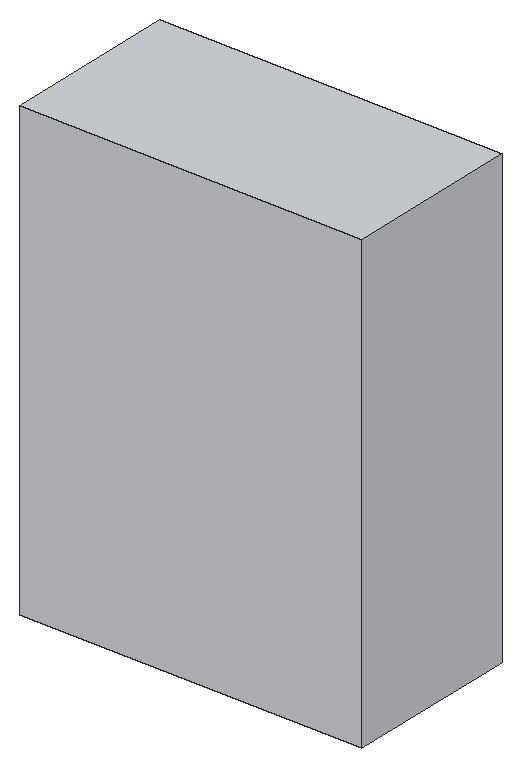
Revit family "Подставка для зонтов", category Оборудование, Revit 2017
Family settings
  Размер круглого соединителя = Использовать диаметр
  Тип детали = Нормальный
  На основе рабочей плоскости = Нет
  Всегда вертикально = Да
  При загрузке вырезать с полостями = Нет
  Общий = Нет
  Точка расчета площади = Нет
Parameters (values of type "Тип")
  Общ_Ширина = 450.0 mm
  Общ_Тип, марка = "Vincento"
  Общ_Примечание КР [instance] = ""
  Общ_Примечание АР [instance] = ""
  Общ_Примечание = ""
  Общ_Поставщик = "Don-decor"
  Общ_Позиция = ""
  Общ_Наименование = "Подставка для зонтов"
  Общ_Масса = ""
  Общ_Код продукции = ""
  Общ_Единицы измерения = "шт."
  Общ_Глубина = 230.0 mm
  Общ_Высота = 600.0 mm
  Keynote = ""
  Model = ""
Reference planes
  plane 1 "По центру (Вперед/Назад)": y = 0
  plane 2: z = 0
  plane 3 "По центру (Влево/Вправо)": x = 0
Forms (mm)
  Extrusion 1, solid, detail levels fine
    sketch origin (0, 0, 0) x (1, 0, 0) y (0, 1, 0)
      loop
        line (-225, -115) -> (225, -115) -> (225, 115) -> (-225, 115) -> (-225, -115)
    from 0 to 600
Lines and regions (mm)
  symbolic lines, detail levels coarse+medium
    curve 1: line (-225, 115, 0) -> (225, 115, 0)
    curve 2: line (-225, -115, 0) -> (-225, 115, 0)
    curve 3: line (225, -115, 0) -> (-225, -115, 0)
    curve 4: line (225, 115, 0) -> (225, -115, 0)
    curve 5: line (0, 115, 0) -> (0, -115, 0)
    curve 6: line (225, 0, 0) -> (-225, 0, 0)
    curve 7: line (-105, 115, 0) -> (-105, -115, 0)
    curve 8: line (120, 115, 0) -> (120, -115, 0)
Dimensions and locks
  aligned and locked: level to plane 2
